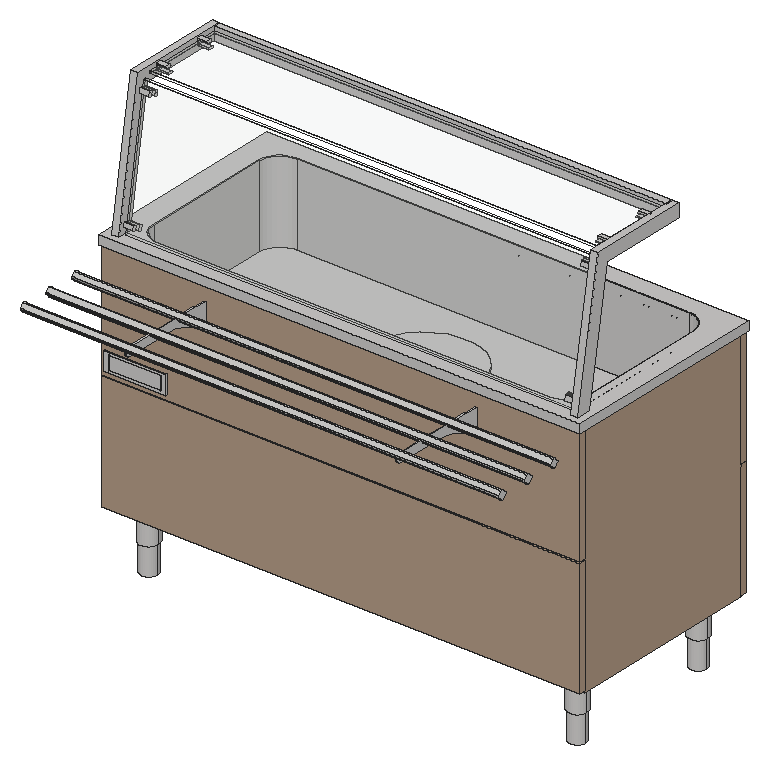
Revit family "QF_ELECTROLUXPROFESSIONAL_322095_F11C4AF01W", category Specialty Equipment, Revit 2018
Family settings
  Round Connector Dimension = Use Diameter
  Part Type = Normal
  Work Plane-Based = No
  Always vertical = Yes
  Cut with Voids When Loaded = No
  Shared = No
  Room Calculation Point = No
Parameters (values of type "Standard")
  Weight = 158.50 kg
  Watts = 0 W
  Volts = 220 V
  URL Manufacturer = "http://professional.electrolux.com"
  URL = "http://professional.electrolux.com"
  Steam Supply Size = 0 mm
  Steam Supply Minimum Pressure = 0.0 Pa
  Steam Supply Maximum Pressure = 0.0 Pa
  Steam Pounds per Hour = 0
  Show Clearance [instance] = yes
  Refrigeration Suction Line Size = 0 mm
  Refrigeration Liquid Line Size = 0 mm
  Refrigerant Compressor Remote = yes
  Manufacturer = "Electrolux Professional"
  Phase = 1
  Model = "F11C4AF01W"
  Length Actual = 1420 mm  # constant formula
  Item Number = "322095"
  Hot Water Size = 0 mm
  Height Actual = 1304 mm  # constant formula
  HP = "0 HP"
  Gas Size = 0 mm
  Gas KW = 0
  Gas Input Pressure = 0 W
  Direct Waste Size = 19.05 mm
  Description = "REFRIGERATED WELL, STATIC WITH FAN, 4GN H=900MM OVERSHELF W/LED LIGHTS"
  Depth Actual = 915 mm  # constant formula
  Cycle = 50 Hz
  Condensate Return Size = 0 mm
  Compressed Air Volume = 0.0 L/s
  Compressed Air Size = 0 mm
  Compressed Air Pressure = 0.0 Pa
  Cold Water Size = 0 mm
  Accessory = yes
Values of the unnamed type that differ from the named types
  Volts = 0 V
  URL Manufacturer = ""
  Item Number = ""
  Cycle = 0 Hz
Reference planes
  plane 1 "Centro (Fronte/Retro)": y = 74.737
  plane 2: z = 0
  plane 3 "BACK": y = 384.737
  plane 4 "FRONT": y = -235.263
  plane 5: z = 900
  plane 6 "RIGHT": x = 195.731
  plane 7 "LEFT": x = -1224.269
  plane 8: x = -514.269
  plane 9: y = 664.737
  plane 10: y = -530.02
  plane 11: z = 178
  plane 12: z = 1304
  plane 13: z = 1222
  plane 14: y = 297.737
  plane 15: y = -148.263
  plane 16: x = -1146.269
  plane 17: x = 117.731
  plane 18: x = -1220.269
  plane 19: y = -231.263
  plane 20: x = 191.731
  plane 21: y = 380.737
  plane 22: z = 874
  plane 23: y = 362.737
  plane 24: y = -213.263
  plane 25: z = 182
  plane 26: z = 527
  plane 27: z = 531
  plane 28: x = -112.269
  plane 29: x = -916.269
  plane 30: x = -1202.269
  plane 31: x = 173.731
  plane 32: x = 153.731
  plane 33: x = -1182.269
  plane 34: x = -1174.269
  plane 35: x = 145.731
  plane 36: y = 130.237
  plane 37: y = 19.237
  plane 38: y = 33.237
  plane 39: y = 116.237
  plane 40: x = -1112.269
  plane 41: x = 90.731
Forms (mm)
  Extrusion 1, solid, material "QF_Finishes_Wood"
    sketch origin (0, 0, 0) x (1, 0, 0) y (0, 1, 0)
      loop
        line (-1220.269, 362.737) -> (-1220.269, -213.263) -> (191.731, -213.263) -> (191.731, 362.737) -> (-1220.269, 362.737)
    from 178 to 874
  Extrusion 2, solid, material "QF_Finishes_Wood"
    sketch origin (191.731, 362.737, 0) x (0, -1, 0) y (0, 0, -1)
      loop
        line (576, -182) -> (576, -527) -> (594, -527) -> (594, -182) -> (576, -182)
      loop
        line (576, -531) -> (576, -874) -> (594, -874) -> (594, -531) -> (576, -531)
    from 0 to -1412
  Extrusion 3, solid, material "QF_Finishes_Wood"
    sketch origin (191.731, -213.263, 0) x (0, 1, 0) y (0, 0, 1)
      loop
        line (576, 531) -> (594, 531) -> (594, 874) -> (576, 874) -> (576, 531)
    from 0 to -1412
  Extrusion 4, solid, material "QF_Finishes_Stainless Steel"
    sketch origin (0, 0, 0) x (1, 0, 0) y (0, 1, 0)
      loop
        line (-1224.269, 384.737) -> (-1224.269, -235.263) -> (195.731, -235.263) -> (195.731, 384.737) -> (-1224.269, 384.737)
    from 874 to 900
  Extrusion 5, solid, material "QF_Finishes_Stainless Steel"
    sketch origin (-117.269, 362.737, 0) x (0, -1, 0) y (0, 0, -1)
      loop
        arc (628.84, -832.7) -> (632.082, -833.911) -> (635.519, -834.32) r 14.5
        line (635.519, -834.32) -> (675.715, -834.32) -> (689.858, -820.177) -> (704, -834.32) -> (770.715, -834.32) -> (784.858, -820.177) -> (799, -834.32) -> (865.716, -834.32) -> (879.858, -820.177) -> (887.686, -828.005) -> (887.686, -821.352)
        arc (887.686, -821.352) -> (887.303, -819.435) -> (886.214, -817.81) r 4.999
        line (886.214, -817.81) -> (881.179, -812.776)
        arc (881.179, -812.776) -> (879.559, -811.698) -> (877.651, -811.32) r 5
        line (877.651, -811.32) -> (732.206, -811.32)
        arc (732.206, -811.32) -> (708.662, -809.221) -> (685.86, -802.991) r 133.106
        line (685.86, -802.991) -> (638.285, -785.32) -> (597.679, -770.12) -> (594, -770.12) -> (594, -832.7) -> (628.84, -832.7)
    from 0 to 5
  Extrusion 6, void
    sketch origin (0, 0, 0) x (1, 0, 0) y (0, 1, 0)
      loop
        line (-1156.552, 270.237) -> (-1156.552, -120.763)
        arc (-1156.552, -120.763) -> (-1138.652, -163.896) -> (-1095.519, -181.763) r 61
        line (-1095.519, -181.763) -> (67.355, -181.472)
        arc (67.355, -181.472) -> (110.441, -163.852) -> (128.319, -120.873) r 60.6
        line (128.319, -120.873) -> (128.319, 270.182)
        arc (128.319, 270.182) -> (111.15, 312.672) -> (69.282, 331.306) r 61.161
        line (69.282, 331.306) -> (-1095.519, 331.237)
        arc (-1095.519, 331.237) -> (-1138.652, 313.371) -> (-1156.552, 270.237) r 61
    from 580.121 to 900
  Extrusion 7, solid, material "QF_Finishes_Wood"
    sketch origin (419.731, -213.263, -348) x (0, 1, 0) y (0, 0, 1)
      loop
        line (576, 530) -> (594, 530) -> (594, 875) -> (576, 875) -> (576, 530)
    from -228 to -383
  Extrusion 8, solid, material "QF_Finishes_Wood"
    sketch origin (-234.269, -213.263, -348) x (0, 1, 0) y (0, 0, 1)
      loop
        line (576, 530) -> (594, 530) -> (594, 875) -> (576, 875) -> (576, 530)
    from -831.045 to -986
  Extrusion 9, solid, material "QF_Finishes_Stainless Steel"
    sketch origin (-916.269, 362.737, 0) x (0, -1, 0) y (0, 0, -1)
      loop
        arc (628.84, -832.7) -> (632.082, -833.911) -> (635.519, -834.32) r 14.5
        line (635.519, -834.32) -> (675.715, -834.32) -> (689.858, -820.177) -> (704, -834.32) -> (770.715, -834.32) -> (784.858, -820.177) -> (799, -834.32) -> (865.716, -834.32) -> (879.858, -820.177) -> (887.686, -828.005) -> (887.686, -821.352)
        arc (887.686, -821.352) -> (887.303, -819.435) -> (886.214, -817.81) r 4.999
        line (886.214, -817.81) -> (881.179, -812.776)
        arc (881.179, -812.776) -> (879.559, -811.698) -> (877.651, -811.32) r 5
        line (877.651, -811.32) -> (732.206, -811.32)
        arc (732.206, -811.32) -> (708.662, -809.221) -> (685.86, -802.991) r 133.106
        line (685.86, -802.991) -> (638.285, -785.32) -> (597.679, -770.12) -> (594, -770.12) -> (594, -832.7) -> (628.84, -832.7)
    from 0 to 5
  Extrusion 10, solid, material "QF_Finishes_Stainless Steel"
    sketch origin (191.731, 362.737, 0) x (0, -1, 0) y (0, 0, -1)
      loop
        line (881.983, -846.337) -> (891.875, -836.445)
        arc (891.875, -836.445) -> (892.757, -834.322) -> (891.879, -832.198) r 3
        line (891.879, -832.198) -> (881.979, -822.299)
        arc (881.979, -822.299) -> (879.858, -821.42) -> (877.737, -822.299) r 3
        line (877.737, -822.299) -> (867.837, -832.198)
        arc (867.837, -832.198) -> (866.958, -834.32) -> (867.837, -836.441) r 3
        line (867.837, -836.441) -> (877.737, -846.34)
        arc (877.737, -846.34) -> (879.86, -847.219) -> (881.983, -846.337) r 3
      loop
        line (786.979, -846.34) -> (796.879, -836.441)
        arc (796.879, -836.441) -> (797.757, -834.32) -> (796.879, -832.198) r 3
        line (796.879, -832.198) -> (786.979, -822.299)
        arc (786.979, -822.299) -> (784.858, -821.42) -> (782.737, -822.299) r 3
        line (782.737, -822.299) -> (772.837, -832.198)
        arc (772.837, -832.198) -> (771.958, -834.317) -> (772.833, -836.437) r 3
        line (772.833, -836.437) -> (782.741, -846.345)
        arc (782.741, -846.345) -> (784.861, -847.219) -> (786.979, -846.34) r 3
      loop
        line (691.976, -846.343) -> (701.882, -836.438)
        arc (701.882, -836.438) -> (702.757, -834.318) -> (701.879, -832.198) r 3
        line (701.879, -832.198) -> (691.979, -822.299)
        arc (691.979, -822.299) -> (689.858, -821.42) -> (687.737, -822.299) r 3
        line (687.737, -822.299) -> (677.837, -832.198)
        arc (677.837, -832.198) -> (676.958, -834.32) -> (677.837, -836.441) r 3
        line (677.837, -836.441) -> (687.737, -846.34)
        arc (687.737, -846.34) -> (689.856, -847.219) -> (691.976, -846.343) r 3
    from 0 to -1412
  Extrusion 11, solid, material "QF_Finishes_Stainless Steel"
    sketch origin (191.731, 362.737, 0) x (0, -1, 0) y (0, 0, -1)
      loop
        line (206.477, -1264.379) -> (206.477, -1304) -> (507.108, -1304) -> (578.344, -900) -> (537.727, -900) -> (473.477, -1264.379) -> (206.477, -1264.379)
    from -18 to -38
  Extrusion 12, solid, material "QF_Finishes_Stainless Steel"
    sketch origin (-895.269, 362.737, 0) x (0, -1, 0) y (0, 0, 1)
      loop
        line (206.477, 1264.379) -> (473.477, 1264.379) -> (537.727, 900) -> (578.344, 900) -> (507.108, 1304) -> (206.477, 1304) -> (206.477, 1264.379)
    from 307 to 287
  Extrusion 13, solid, material "QF_Finishes_Glass"
    sketch origin (-133.269, -231.263, 531) x (0, 0, 1) y (-1, 0, 0)
      loop
        line (757.879, -279) -> (765.879, -279) -> (765.879, 1041) -> (757.879, 1041) -> (757.879, -279)
    from -361.5 to -120.204
  Extrusion 14, solid, material "QF_Finishes_Stainless Steel"
    sketch origin (0, 0, 0) x (1, 0, 0) y (0, 1, 0)
      loop
        line (-1182.269, 156.26) -> (-1182.269, 136.26) -> (153.731, 136.26) -> (153.731, 156.26) -> (-1182.269, 156.26)
    from 1264.379 to 1304
  Extrusion 15, solid, material "QF_Finishes_Glass"
    sketch origin (-133.269, 362.737, 0) x (0, -1, 0) y (0, 0, -1)
      loop
        line (494.569, -1282.974) -> (562.097, -900) -> (553.974, -900) -> (486.445, -1282.974) -> (494.569, -1282.974)
    from 279 to -1041
  Extrusion 16, solid, material "QF_Finishes_Wood"
    sketch origin (314.688, -213.263, -348) x (0, 1, 0) y (0, 0, 1)
      loop
        line (576, 530) -> (594, 530) -> (594, 875) -> (576, 875) -> (576, 530)
    from -277.956 to -828.956
  Extrusion 17, solid, material "QF_Finishes_Stainless Steel"
    sketch origin (-308.144, -64.263, 531) x (0, 0, 1) y (-1, 0, 0)
      loop
        line (765.879, 841.5) -> (770.879, 843.5) -> (770.879, 874.125) -> (750.879, 874.125) -> (750.879, 866) -> (751.974, 866) -> (751.974, 835.938) -> (755.879, 837.5) -> (755.879, 867) -> (765.879, 867) -> (765.879, 841.5)
    from 0 to 14
  Extrusion 18, solid, material "QF_Finishes_Stainless Steel"
    sketch origin (-308.144, 85.737, 531) x (0, 0, 1) y (-1, 0, 0)
      loop
        line (765.879, 841.5) -> (770.879, 843.5) -> (770.879, 874.125) -> (750.879, 874.125) -> (750.879, 866) -> (751.974, 866) -> (751.974, 835.938) -> (755.879, 837.5) -> (755.879, 867) -> (765.879, 867) -> (765.879, 841.5)
    from 0 to 14
  Extrusion 19, solid, material "QF_Finishes_Stainless Steel"
    sketch origin (-720.394, -64.263, 531) x (0, 0, 1) y (-1, 0, 0)
      loop
        line (765.879, -841.5) -> (765.879, -867) -> (755.879, -867) -> (755.879, -837.5) -> (751.974, -835.938) -> (751.974, -866) -> (750.879, -866) -> (750.879, -874.125) -> (770.879, -874.125) -> (770.879, -843.5) -> (765.879, -841.5)
    from 0 to 14
  Extrusion 20, solid, material "QF_Finishes_Stainless Steel"
    sketch origin (-720.394, 85.737, 531) x (0, 0, 1) y (-1, 0, 0)
      loop
        line (765.879, -841.5) -> (765.879, -867) -> (755.879, -867) -> (755.879, -837.5) -> (751.974, -835.938) -> (751.974, -866) -> (750.879, -866) -> (750.879, -874.125) -> (770.879, -874.125) -> (770.879, -843.5) -> (765.879, -841.5)
    from 0 to 14
  Extrusion 21, solid, material "QF_Finishes_Stainless Steel"
    sketch origin (-720.394, 619.458, 1129.907) x (0, -0.984808, 0.173648) y (-1, 0, 0)
      loop
        line (765.879, -841.5) -> (765.879, -867) -> (755.879, -867) -> (755.879, -837.5) -> (751.974, -835.938) -> (751.974, -866) -> (750.879, -866) -> (750.879, -874.125) -> (770.879, -874.125) -> (770.879, -843.5) -> (765.879, -841.5)
    from 0 to 14
  Extrusion 22, solid, material "QF_Finishes_Stainless Steel"
    sketch origin (-308.144, 619.458, 1129.907) x (0, -0.984808, 0.173648) y (-1, 0, 0)
      loop
        line (765.879, 841.5) -> (770.879, 843.5) -> (770.879, 874.125) -> (750.879, 874.125) -> (750.879, 866) -> (751.974, 866) -> (751.974, 835.938) -> (755.879, 837.5) -> (755.879, 867) -> (765.879, 867) -> (765.879, 841.5)
    from 0 to 14
  Extrusion 23, solid, material "QF_Finishes_Stainless Steel"
    sketch origin (-720.394, 562.154, 799.389) x (0, -0.984808, 0.173648) y (-1, 0, 0)
      loop
        line (765.879, -841.5) -> (765.879, -867) -> (755.879, -867) -> (755.879, -837.5) -> (751.974, -835.938) -> (751.974, -866) -> (750.879, -866) -> (750.879, -874.125) -> (770.879, -874.125) -> (770.879, -843.5) -> (765.879, -841.5)
    from 0 to 14
  Extrusion 24, solid, material "QF_Finishes_Stainless Steel"
    sketch origin (-308.144, 562.154, 799.389) x (0, -0.984808, 0.173648) y (-1, 0, 0)
      loop
        line (765.879, 841.5) -> (770.879, 843.5) -> (770.879, 874.125) -> (750.879, 874.125) -> (750.879, 866) -> (751.974, 866) -> (751.974, 835.938) -> (755.879, 837.5) -> (755.879, 867) -> (765.879, 867) -> (765.879, 841.5)
    from 0 to 14
  Extrusion 25, solid, material "QF_Finishes_Wood"
    sketch origin (-236.312, -213.263, -348) x (0, 1, 0) y (0, 0, 1)
      loop
        line (576, 530) -> (594, 530) -> (594, 875) -> (576, 875) -> (576, 530)
    from -277.956 to -828.956
  Extrusion 26, solid, material "QF_Door-Drawer Clearances", visible <- "Show Clearance"
    sketch origin (-1028.537, -4, 0) x (-1, 0, 0) y (0, -1, 0)
      loop
        arc (-514.269, -384.737) -> (-496.592, -527.741) -> (-441.747, -660.987) r 540.292
        line (-441.747, -660.987) -> (36.731, -384.737) -> (-514.269, -384.737)
    from 182 to 527
  Extrusion 27, solid, material "QF_Finishes_Stainless Steel"
    sketch origin (-1353.537, 0, 0) x (-1, 0, 0) y (0, -1, 0)
      loop
        circle (-196.269, -124.737) r 10
    from 178 to 166
  Extrusion 28, solid, material "QF_Finishes_Stainless Steel"
    sketch origin (-1353.537, 149.474, 0) x (-1, 0, 0) y (0, -1, 0)
      loop
        circle (-196.269, 124.737) r 10
    from 178 to 166
  Extrusion 29, solid, material "QF_Door-Drawer Clearances", visible <- "Show Clearance"
    sketch origin (0, -4, 0) x (1, 0, 0) y (0, 1, 0)
      loop
        line (-514.269, 384.737) -> (36.731, 384.737) -> (-441.747, 660.987)
        arc (-441.747, 660.987) -> (-496.592, 527.741) -> (-514.269, 384.737) r 540.292
    from 182 to 527
Cuts and joins
  Extrusion 6 cuts Extrusion 1
  Extrusion 6 cuts Extrusion 4
Lines and regions (mm)
  symbolic lines
    curve 1: line (195.731, 384.737, 0) -> (195.731, -235.263, 0)
    curve 2: line (-1224.269, -235.263, 0) -> (-1224.269, 384.737, 0)
    curve 3: line (-1224.269, 384.737, 0) -> (195.731, 384.737, 0)
    curve 4: line (-1224.269, -235.263, 0) -> (195.731, -235.263, 0)
    curve 5: line (145.731, -64.263, 0) -> (145.731, 71.737, 0)
    curve 6: line (-1174.269, 71.737, 0) -> (-1174.269, -64.263, 0)
    curve 7: line (-1202.269, 156.26, 0) -> (173.731, 156.26, 0)
    curve 8: line (173.731, 156.26, 0) -> (173.731, -215.607, 0)
    curve 9: line (173.731, -215.607, 0) -> (153.731, -215.607, 0)
    curve 10: line (153.731, -215.607, 0) -> (153.731, 156.26, 0)
    curve 11: line (153.731, 136.26, 0) -> (-1182.269, 136.26, 0)
    curve 12: line (-1182.269, 156.26, 0) -> (-1182.269, -215.607, 0)
    curve 13: line (-1182.269, -215.607, 0) -> (-1202.269, -215.607, 0)
    curve 14: line (-1202.269, -215.607, 0) -> (-1202.269, 156.26, 0)
    curve 15: line (-1202.269, -144.371, 0) -> (-1182.269, -144.371, 0)
    curve 16: line (153.731, -144.371, 0) -> (173.731, -144.371, 0)
    curve 17: line (-1174.269, 130.237, 0) -> (-1174.269, 85.737, 0)
    curve 18: line (-1174.269, 130.237, 0) -> (145.731, 130.237, 0)
    curve 19: line (145.731, 130.237, 0) -> (145.731, 85.737, 0)
    curve 20: line (145.731, -78.263, 0) -> (145.731, -111.059, 0)
    curve 21: line (153.731, 85.737, 0) -> (121.231, 85.737, 0)
    curve 22: line (121.231, 85.737, 0) -> (121.231, 71.737, 0)
    curve 23: line (121.231, 71.737, 0) -> (153.731, 71.737, 0)
    curve 24: line (153.731, -64.263, 0) -> (121.231, -64.263, 0)
    curve 25: line (121.231, -64.263, 0) -> (121.231, -78.263, 0)
    curve 26: line (121.231, -78.263, 0) -> (153.731, -78.263, 0)
    curve 27: line (-1182.269, -64.263, 0) -> (-1149.769, -64.263, 0)
    curve 28: line (-1149.769, -64.263, 0) -> (-1149.769, -78.263, 0)
    curve 29: line (-1149.769, -78.263, 0) -> (-1182.269, -78.263, 0)
    curve 30: line (-1182.269, 85.737, 0) -> (-1149.769, 85.737, 0)
    curve 31: line (-1149.769, 85.737, 0) -> (-1149.769, 71.737, 0)
    curve 32: line (-1149.769, 71.737, 0) -> (-1182.269, 71.737, 0)
    curve 33: line (-1182.269, -142.14, 0) -> (-1151.769, -142.14, 0)
    curve 34: line (-1151.769, -142.14, 0) -> (-1151.769, -139.709, 0)
    curve 35: line (-1151.769, -139.709, 0) -> (-1182.269, -139.709, 0)
    curve 36: line (-1151.769, -142.14, 0) -> (-1149.769, -137.216, 0)
    curve 37: line (-1175.269, -134.785, 0) -> (-1149.769, -134.785, 0)
    curve 38: line (-1175.269, -134.785, 0) -> (-1175.269, -124.937, 0)
    curve 39: line (-1175.269, -124.937, 0) -> (-1174.269, -124.937, 0)
    curve 40: line (-1175.269, -127.368, 0) -> (-1174.269, -127.368, 0)
    curve 41: line (-1182.269, -120.013, 0) -> (-1174.269, -120.013, 0)
    curve 42: line (-1174.269, -120.013, 0) -> (-1174.269, -121.091, 0)
    curve 43: line (-1174.269, -121.091, 0) -> (-1144.207, -121.091, 0)
    curve 44: line (-1144.207, -121.091, 0) -> (-1144.207, -123.708, 0)
    curve 45: line (-1144.207, -121.091, 0) -> (-1145.269, -123.708, 0)
    curve 46: line (-1151.769, -139.709, 0) -> (-1149.769, -134.785, 0)
    curve 47: line (-1149.769, -134.785, 0) -> (-1149.769, -137.216, 0)
    curve 48: line (-1174.269, -123.708, 0) -> (-1174.269, -134.785, 0)
    curve 49: line (145.731, -131.831, 0) -> (145.731, -123.708, 0)
    curve 50: line (145.731, -123.708, 0) -> (-1174.269, -123.708, 0)
    curve 51: line (153.731, -142.14, 0) -> (123.231, -142.14, 0)
    curve 52: line (123.231, -142.14, 0) -> (123.231, -139.709, 0)
    curve 53: line (123.231, -139.709, 0) -> (153.731, -139.709, 0)
    curve 54: line (123.231, -142.14, 0) -> (121.231, -137.216, 0)
    curve 55: line (146.731, -134.785, 0) -> (121.231, -134.785, 0)
    curve 56: line (146.731, -134.785, 0) -> (146.731, -124.937, 0)
    curve 57: line (146.731, -124.937, 0) -> (145.731, -124.937, 0)
    curve 58: line (146.731, -127.368, 0) -> (145.731, -127.368, 0)
    curve 59: line (153.731, -120.013, 0) -> (145.731, -120.013, 0)
    curve 60: line (145.731, -120.013, 0) -> (145.731, -121.091, 0)
    curve 61: line (145.731, -121.091, 0) -> (115.669, -121.091, 0)
    curve 62: line (115.669, -121.091, 0) -> (115.669, -123.708, 0)
    curve 63: line (115.669, -121.091, 0) -> (116.732, -123.708, 0)
    curve 64: line (123.231, -139.709, 0) -> (121.231, -134.785, 0)
    curve 65: line (121.231, -134.785, 0) -> (121.231, -137.216, 0)
    curve 66: line (145.731, -123.708, 0) -> (145.731, -134.785, 0)
    curve 67: line (-1174.269, -142.14, 0) -> (-1174.269, -192.089, 0)
    curve 68: line (-1174.269, -177.317, 0) -> (-1182.269, -177.317, 0)
    curve 69: line (-1174.269, -182.241, 0) -> (-1175.269, -182.241, 0)
    curve 70: line (-1175.269, -184.672, 0) -> (-1174.269, -184.672, 0)
    curve 71: line (-1175.269, -182.241, 0) -> (-1175.269, -192.089, 0)
    curve 72: line (-1175.269, -192.089, 0) -> (-1149.779, -192.089, 0)
    curve 73: line (-1151.769, -197.013, 0) -> (-1149.779, -192.089, 0)
    curve 74: line (-1149.779, -192.089, 0) -> (-1149.779, -194.52, 0)
    curve 75: line (-1151.769, -199.444, 0) -> (-1149.779, -194.52, 0)
    curve 76: line (-1151.769, -197.013, 0) -> (-1151.769, -199.444, 0)
    curve 77: line (-1182.269, -199.444, 0) -> (-1151.769, -199.444, 0)
    curve 78: line (-1151.769, -197.013, 0) -> (-1182.269, -197.013, 0)
    curve 79: line (145.731, -177.317, 0) -> (153.731, -177.317, 0)
    curve 80: line (145.731, -182.241, 0) -> (146.731, -182.241, 0)
    curve 81: line (146.731, -184.672, 0) -> (145.731, -184.672, 0)
    curve 82: line (146.731, -182.241, 0) -> (146.731, -192.089, 0)
    curve 83: line (146.731, -192.089, 0) -> (121.242, -192.089, 0)
    curve 84: line (123.231, -197.013, 0) -> (121.242, -192.089, 0)
    curve 85: line (121.242, -192.089, 0) -> (121.242, -194.52, 0)
    curve 86: line (123.231, -199.444, 0) -> (121.242, -194.52, 0)
    curve 87: line (123.231, -197.013, 0) -> (123.231, -199.444, 0)
    curve 88: line (153.731, -199.444, 0) -> (123.231, -199.444, 0)
    curve 89: line (123.231, -197.013, 0) -> (153.731, -197.013, 0)
    curve 90: line (-1151.735, -199.36, 0) -> (123.197, -199.36, 0)
    curve 91: line (-1174.269, -78.263, 0) -> (-1174.269, -111.059, 0)
    curve 92: line (-1174.269, -111.059, 0) -> (145.731, -111.059, 0)
    curve 93: line (-1174.269, -131.831, 0) -> (145.731, -131.831, 0)
    curve 94: line (145.731, -142.14, 0) -> (145.731, -192.089, 0)
    curve 101: line (-1224.269, -235.263, 0) -> (-1224.269, -530.02, 0)
    curve 102: line (-1224.269, -530.02, 0) -> (195.731, -530.02, 0)
    curve 103: line (195.731, -530.02, 0) -> (195.731, -235.263, 0)
    curve 114: arc (-511.375, 74.737, 900) -> (-514.375, 71.737, 900) -> (-517.375, 74.737, 900) r 3
    curve 115: arc (-517.375, 74.737, 900) -> (-514.375, 77.737, 900) -> (-511.375, 74.737, 900) r 3
    curve 116: arc (-511.375, 54.737, 900) -> (-514.375, 51.737, 900) -> (-517.375, 54.737, 900) r 3
    curve 117: arc (-517.375, 54.737, 900) -> (-514.375, 57.737, 900) -> (-511.375, 54.737, 900) r 3
    curve 118: arc (-511.375, 34.737, 900) -> (-514.375, 31.737, 900) -> (-517.375, 34.737, 900) r 3
    curve 119: arc (-517.375, 34.737, 900) -> (-514.375, 37.737, 900) -> (-511.375, 34.737, 900) r 3
    curve 120: arc (-511.375, 14.737, 900) -> (-514.375, 11.737, 900) -> (-517.375, 14.737, 900) r 3
    curve 121: arc (-517.375, 14.737, 900) -> (-514.375, 17.737, 900) -> (-511.375, 14.737, 900) r 3
    curve 122: arc (-525.504, 15.416, 900) -> (-528.504, 12.416, 900) -> (-531.504, 15.416, 900) r 3
    curve 123: arc (-531.504, 15.416, 900) -> (-528.504, 18.416, 900) -> (-525.504, 15.416, 900) r 3
    curve 124: arc (-521.795, 34.792, 900) -> (-524.795, 31.792, 900) -> (-527.795, 34.792, 900) r 3
    curve 125: arc (-527.795, 34.792, 900) -> (-524.795, 37.792, 900) -> (-521.795, 34.792, 900) r 3
    curve 126: arc (-525.029, 56.259, 900) -> (-522.029, 59.259, 900) -> (-519.029, 56.259, 900) r 3
    curve 127: arc (-519.029, 56.259, 900) -> (-522.029, 53.259, 900) -> (-525.029, 56.259, 900) r 3
    curve 128: arc (-531.517, 60.595, 900) -> (-528.517, 63.595, 900) -> (-525.517, 60.595, 900) r 3
    curve 129: arc (-525.517, 60.595, 900) -> (-528.517, 57.595, 900) -> (-531.517, 60.595, 900) r 3
    curve 130: arc (-545.659, 46.453, 900) -> (-542.659, 49.453, 900) -> (-539.659, 46.453, 900) r 3
    curve 131: arc (-539.659, 46.453, 900) -> (-542.659, 43.453, 900) -> (-545.659, 46.453, 900) r 3
    curve 132: arc (-537.463, 38.203, 900) -> (-534.463, 41.203, 900) -> (-531.463, 38.203, 900) r 3
    curve 133: arc (-531.463, 38.203, 900) -> (-534.463, 35.203, 900) -> (-537.463, 38.203, 900) r 3
    curve 134: arc (-545.258, 19.785, 900) -> (-542.258, 22.785, 900) -> (-539.258, 19.785, 900) r 3
    curve 135: arc (-539.258, 19.785, 900) -> (-542.258, 16.785, 900) -> (-545.258, 19.785, 900) r 3
    curve 136: arc (-570.696, 60.608, 900) -> (-573.696, 57.608, 900) -> (-576.696, 60.608, 900) r 3
    curve 137: arc (-576.696, 60.608, 900) -> (-573.696, 63.608, 900) -> (-570.696, 60.608, 900) r 3
    curve 138: arc (-572.327, 46.854, 900) -> (-569.327, 49.854, 900) -> (-566.327, 46.854, 900) r 3
    curve 139: arc (-566.327, 46.854, 900) -> (-569.327, 43.854, 900) -> (-572.327, 46.854, 900) r 3
    curve 140: arc (-564.827, 36.943, 900) -> (-561.827, 39.943, 900) -> (-558.827, 36.943, 900) r 3
    curve 141: arc (-558.827, 36.943, 900) -> (-561.827, 33.943, 900) -> (-564.827, 36.943, 900) r 3
    curve 142: arc (-555.659, 29.132, 900) -> (-552.659, 32.132, 900) -> (-549.659, 29.132, 900) r 3
    curve 143: arc (-549.659, 29.132, 900) -> (-552.659, 26.132, 900) -> (-555.659, 29.132, 900) r 3
    curve 144: arc (-557.32, 64.317, 900) -> (-554.32, 67.317, 900) -> (-551.32, 64.317, 900) r 3
    curve 145: arc (-551.32, 64.317, 900) -> (-554.32, 61.317, 900) -> (-557.32, 64.317, 900) r 3
    curve 146: arc (-553.909, 54.649, 900) -> (-550.909, 57.649, 900) -> (-547.909, 54.649, 900) r 3
    curve 147: arc (-547.909, 54.649, 900) -> (-550.909, 51.649, 900) -> (-553.909, 54.649, 900) r 3
    curve 148: arc (-529.852, 67.083, 900) -> (-532.852, 64.083, 900) -> (-535.852, 67.083, 900) r 3
    curve 149: arc (-535.852, 67.083, 900) -> (-532.852, 70.083, 900) -> (-529.852, 67.083, 900) r 3
    curve 150: arc (-537.375, 74.737, 900) -> (-534.375, 77.737, 900) -> (-531.375, 74.737, 900) r 3
    curve 151: arc (-531.375, 74.737, 900) -> (-534.375, 71.737, 900) -> (-537.375, 74.737, 900) r 3
    curve 152: arc (-557.375, 74.737, 900) -> (-554.375, 77.737, 900) -> (-551.375, 74.737, 900) r 3
    curve 153: arc (-551.375, 74.737, 900) -> (-554.375, 71.737, 900) -> (-557.375, 74.737, 900) r 3
    curve 154: arc (-577.375, 74.737, 900) -> (-574.375, 77.737, 900) -> (-571.375, 74.737, 900) r 3
    curve 155: arc (-571.375, 74.737, 900) -> (-574.375, 71.737, 900) -> (-577.375, 74.737, 900) r 3
    curve 156: arc (-525.504, 134.058, 900) -> (-528.504, 137.058, 900) -> (-531.504, 134.058, 900) r 3
    curve 157: arc (-531.504, 134.058, 900) -> (-528.504, 131.058, 900) -> (-525.504, 134.058, 900) r 3
    curve 158: arc (-521.795, 114.682, 900) -> (-524.795, 117.682, 900) -> (-527.795, 114.682, 900) r 3
    curve 159: arc (-527.795, 114.682, 900) -> (-524.795, 111.682, 900) -> (-521.795, 114.682, 900) r 3
    curve 160: arc (-525.029, 93.215, 900) -> (-522.029, 90.215, 900) -> (-519.029, 93.215, 900) r 3
    curve 161: arc (-519.029, 93.215, 900) -> (-522.029, 96.215, 900) -> (-525.029, 93.215, 900) r 3
    curve 162: arc (-531.517, 88.879, 900) -> (-528.517, 85.879, 900) -> (-525.517, 88.879, 900) r 3
    curve 163: arc (-525.517, 88.879, 900) -> (-528.517, 91.879, 900) -> (-531.517, 88.879, 900) r 3
    curve 164: arc (-545.659, 103.021, 900) -> (-542.659, 100.021, 900) -> (-539.659, 103.021, 900) r 3
    curve 165: arc (-539.659, 103.021, 900) -> (-542.659, 106.021, 900) -> (-545.659, 103.021, 900) r 3
    curve 166: arc (-537.463, 111.271, 900) -> (-534.463, 108.271, 900) -> (-531.463, 111.271, 900) r 3
    curve 167: arc (-531.463, 111.271, 900) -> (-534.463, 114.271, 900) -> (-537.463, 111.271, 900) r 3
    curve 168: arc (-545.258, 129.69, 900) -> (-542.258, 126.69, 900) -> (-539.258, 129.69, 900) r 3
    curve 169: arc (-539.258, 129.69, 900) -> (-542.258, 132.69, 900) -> (-545.258, 129.69, 900) r 3
    curve 170: arc (-570.696, 88.866, 900) -> (-573.696, 91.866, 900) -> (-576.696, 88.866, 900) r 3
    curve 171: arc (-576.696, 88.866, 900) -> (-573.696, 85.866, 900) -> (-570.696, 88.866, 900) r 3
    curve 172: arc (-572.327, 102.621, 900) -> (-569.327, 99.621, 900) -> (-566.327, 102.621, 900) r 3
    curve 173: arc (-566.327, 102.621, 900) -> (-569.327, 105.621, 900) -> (-572.327, 102.621, 900) r 3
    curve 174: arc (-564.827, 112.531, 900) -> (-561.827, 109.531, 900) -> (-558.827, 112.531, 900) r 3
    curve 175: arc (-558.827, 112.531, 900) -> (-561.827, 115.531, 900) -> (-564.827, 112.531, 900) r 3
    curve 176: arc (-555.659, 120.342, 900) -> (-552.659, 117.342, 900) -> (-549.659, 120.342, 900) r 3
    curve 177: arc (-549.659, 120.342, 900) -> (-552.659, 123.342, 900) -> (-555.659, 120.342, 900) r 3
    curve 178: arc (-557.32, 85.157, 900) -> (-554.32, 82.157, 900) -> (-551.32, 85.157, 900) r 3
    curve 179: arc (-551.32, 85.157, 900) -> (-554.32, 88.157, 900) -> (-557.32, 85.157, 900) r 3
    curve 180: arc (-553.909, 94.825, 900) -> (-550.909, 91.825, 900) -> (-547.909, 94.825, 900) r 3
    curve 181: arc (-547.909, 94.825, 900) -> (-550.909, 97.825, 900) -> (-553.909, 94.825, 900) r 3
    curve 182: arc (-529.852, 82.391, 900) -> (-532.852, 85.391, 900) -> (-535.852, 82.391, 900) r 3
    curve 183: arc (-535.852, 82.391, 900) -> (-532.852, 79.391, 900) -> (-529.852, 82.391, 900) r 3
    curve 184: arc (-511.375, 94.737, 900) -> (-514.375, 97.737, 900) -> (-517.375, 94.737, 900) r 3
    curve 185: arc (-517.375, 94.737, 900) -> (-514.375, 91.737, 900) -> (-511.375, 94.737, 900) r 3
    curve 186: arc (-511.375, 114.737, 900) -> (-514.375, 117.737, 900) -> (-517.375, 114.737, 900) r 3
    curve 187: arc (-517.375, 114.737, 900) -> (-514.375, 111.737, 900) -> (-511.375, 114.737, 900) r 3
    curve 188: arc (-511.375, 134.737, 900) -> (-514.375, 137.737, 900) -> (-517.375, 134.737, 900) r 3
    curve 189: arc (-517.375, 134.737, 900) -> (-514.375, 131.737, 900) -> (-511.375, 134.737, 900) r 3
    curve 190: arc (-503.246, 15.416, 900) -> (-500.246, 12.416, 900) -> (-497.246, 15.416, 900) r 3
    curve 191: arc (-497.246, 15.416, 900) -> (-500.246, 18.416, 900) -> (-503.246, 15.416, 900) r 3
    curve 192: arc (-506.955, 34.792, 900) -> (-503.955, 31.792, 900) -> (-500.955, 34.792, 900) r 3
    curve 193: arc (-500.955, 34.792, 900) -> (-503.955, 37.792, 900) -> (-506.955, 34.792, 900) r 3
    curve 194: arc (-503.721, 56.259, 900) -> (-506.721, 59.259, 900) -> (-509.721, 56.259, 900) r 3
    curve 195: arc (-509.721, 56.259, 900) -> (-506.721, 53.259, 900) -> (-503.721, 56.259, 900) r 3
    curve 196: arc (-497.233, 60.595, 900) -> (-500.233, 63.595, 900) -> (-503.233, 60.595, 900) r 3
    curve 197: arc (-503.233, 60.595, 900) -> (-500.233, 57.595, 900) -> (-497.233, 60.595, 900) r 3
    curve 198: arc (-483.091, 46.453, 900) -> (-486.091, 49.453, 900) -> (-489.091, 46.453, 900) r 3
    curve 199: arc (-489.091, 46.453, 900) -> (-486.091, 43.453, 900) -> (-483.091, 46.453, 900) r 3
    curve 200: arc (-491.287, 38.203, 900) -> (-494.287, 41.203, 900) -> (-497.287, 38.203, 900) r 3
    curve 201: arc (-497.287, 38.203, 900) -> (-494.287, 35.203, 900) -> (-491.287, 38.203, 900) r 3
    curve 202: arc (-483.491, 19.785, 900) -> (-486.491, 22.785, 900) -> (-489.491, 19.785, 900) r 3
    curve 203: arc (-489.491, 19.785, 900) -> (-486.491, 16.785, 900) -> (-483.491, 19.785, 900) r 3
    curve 204: arc (-458.054, 60.608, 900) -> (-455.054, 57.608, 900) -> (-452.054, 60.608, 900) r 3
    curve 205: arc (-452.054, 60.608, 900) -> (-455.054, 63.608, 900) -> (-458.054, 60.608, 900) r 3
    curve 206: arc (-456.422, 46.854, 900) -> (-459.422, 49.854, 900) -> (-462.422, 46.854, 900) r 3
    curve 207: arc (-462.422, 46.854, 900) -> (-459.422, 43.854, 900) -> (-456.422, 46.854, 900) r 3
    curve 208: arc (-463.922, 36.943, 900) -> (-466.922, 39.943, 900) -> (-469.922, 36.943, 900) r 3
    curve 209: arc (-469.922, 36.943, 900) -> (-466.922, 33.943, 900) -> (-463.922, 36.943, 900) r 3
    curve 210: arc (-473.091, 29.132, 900) -> (-476.091, 32.132, 900) -> (-479.091, 29.132, 900) r 3
    curve 211: arc (-479.091, 29.132, 900) -> (-476.091, 26.132, 900) -> (-473.091, 29.132, 900) r 3
    curve 212: arc (-471.43, 64.317, 900) -> (-474.43, 67.317, 900) -> (-477.43, 64.317, 900) r 3
    curve 213: arc (-477.43, 64.317, 900) -> (-474.43, 61.317, 900) -> (-471.43, 64.317, 900) r 3
    curve 214: arc (-474.841, 54.649, 900) -> (-477.841, 57.649, 900) -> (-480.841, 54.649, 900) r 3
    curve 215: arc (-480.841, 54.649, 900) -> (-477.841, 51.649, 900) -> (-474.841, 54.649, 900) r 3
    curve 216: arc (-498.897, 67.083, 900) -> (-495.897, 64.083, 900) -> (-492.897, 67.083, 900) r 3
    curve 217: arc (-492.897, 67.083, 900) -> (-495.897, 70.083, 900) -> (-498.897, 67.083, 900) r 3
    curve 218: arc (-491.375, 74.737, 900) -> (-494.375, 77.737, 900) -> (-497.375, 74.737, 900) r 3
    curve 219: arc (-497.375, 74.737, 900) -> (-494.375, 71.737, 900) -> (-491.375, 74.737, 900) r 3
    curve 220: arc (-471.375, 74.737, 900) -> (-474.375, 77.737, 900) -> (-477.375, 74.737, 900) r 3
    curve 221: arc (-477.375, 74.737, 900) -> (-474.375, 71.737, 900) -> (-471.375, 74.737, 900) r 3
    curve 222: arc (-451.375, 74.737, 900) -> (-454.375, 77.737, 900) -> (-457.375, 74.737, 900) r 3
    curve 223: arc (-457.375, 74.737, 900) -> (-454.375, 71.737, 900) -> (-451.375, 74.737, 900) r 3
    curve 224: arc (-503.246, 134.058, 900) -> (-500.246, 137.058, 900) -> (-497.246, 134.058, 900) r 3
    curve 225: arc (-497.246, 134.058, 900) -> (-500.246, 131.058, 900) -> (-503.246, 134.058, 900) r 3
    curve 226: arc (-506.955, 114.682, 900) -> (-503.955, 117.682, 900) -> (-500.955, 114.682, 900) r 3
    curve 227: arc (-500.955, 114.682, 900) -> (-503.955, 111.682, 900) -> (-506.955, 114.682, 900) r 3
    curve 228: arc (-503.721, 93.215, 900) -> (-506.721, 90.215, 900) -> (-509.721, 93.215, 900) r 3
    curve 229: arc (-509.721, 93.215, 900) -> (-506.721, 96.215, 900) -> (-503.721, 93.215, 900) r 3
    curve 230: arc (-497.233, 88.879, 900) -> (-500.233, 85.879, 900) -> (-503.233, 88.879, 900) r 3
    curve 231: arc (-503.233, 88.879, 900) -> (-500.233, 91.879, 900) -> (-497.233, 88.879, 900) r 3
    curve 232: arc (-483.091, 103.021, 900) -> (-486.091, 100.021, 900) -> (-489.091, 103.021, 900) r 3
    curve 233: arc (-489.091, 103.021, 900) -> (-486.091, 106.021, 900) -> (-483.091, 103.021, 900) r 3
    curve 234: arc (-491.287, 111.271, 900) -> (-494.287, 108.271, 900) -> (-497.287, 111.271, 900) r 3
    curve 235: arc (-497.287, 111.271, 900) -> (-494.287, 114.271, 900) -> (-491.287, 111.271, 900) r 3
    curve 236: arc (-483.491, 129.69, 900) -> (-486.491, 126.69, 900) -> (-489.491, 129.69, 900) r 3
    curve 237: arc (-489.491, 129.69, 900) -> (-486.491, 132.69, 900) -> (-483.491, 129.69, 900) r 3
    curve 238: arc (-458.054, 88.866, 900) -> (-455.054, 91.866, 900) -> (-452.054, 88.866, 900) r 3
    curve 239: arc (-452.054, 88.866, 900) -> (-455.054, 85.866, 900) -> (-458.054, 88.866, 900) r 3
    curve 240: arc (-456.422, 102.621, 900) -> (-459.422, 99.621, 900) -> (-462.422, 102.621, 900) r 3
    curve 241: arc (-462.422, 102.621, 900) -> (-459.422, 105.621, 900) -> (-456.422, 102.621, 900) r 3
    curve 242: arc (-463.922, 112.531, 900) -> (-466.922, 109.531, 900) -> (-469.922, 112.531, 900) r 3
    curve 243: arc (-469.922, 112.531, 900) -> (-466.922, 115.531, 900) -> (-463.922, 112.531, 900) r 3
    curve 244: arc (-473.091, 120.342, 900) -> (-476.091, 117.342, 900) -> (-479.091, 120.342, 900) r 3
    curve 245: arc (-479.091, 120.342, 900) -> (-476.091, 123.342, 900) -> (-473.091, 120.342, 900) r 3
    curve 246: arc (-471.43, 85.157, 900) -> (-474.43, 82.157, 900) -> (-477.43, 85.157, 900) r 3
    curve 247: arc (-477.43, 85.157, 900) -> (-474.43, 88.157, 900) -> (-471.43, 85.157, 900) r 3
    curve 248: arc (-474.841, 94.825, 900) -> (-477.841, 91.825, 900) -> (-480.841, 94.825, 900) r 3
    curve 249: arc (-480.841, 94.825, 900) -> (-477.841, 97.825, 900) -> (-474.841, 94.825, 900) r 3
    curve 250: arc (-498.897, 82.391, 900) -> (-495.897, 85.391, 900) -> (-492.897, 82.391, 900) r 3
    curve 251: arc (-492.897, 82.391, 900) -> (-495.897, 79.391, 900) -> (-498.897, 82.391, 900) r 3
  symbolic lines, style "QF_Door-Drawer Clearances"
    curve 95: line (-586.79, 656.987, 0) -> (-1058.34, 384.737, 0)
    curve 96: arc (-514.24, 384.737, 0) -> (-532.456, 525.674, 0) -> (-586.79, 656.987, 0) r 540.292
    curve 97: arc (-441.747, 656.987, 0) -> (-496.081, 525.674, 0) -> (-514.297, 384.737, 0) r 540.292
    curve 98: line (29.803, 384.737, 0) -> (-441.747, 656.987, 0)
    curve 99: line (-576.79, 639.666, 0) -> (-1018.34, 384.737, 0)
    curve 100: line (-10.197, 384.737, 0) -> (-451.747, 639.666, 0)
  symbolic lines, style "SpecialityEquipmentHiddenLines"
    curve 104: line (-1154.269, 268.737, 0) -> (-1154.269, -119.263, 0)
    curve 105: arc (-1154.269, -119.263, 0) -> (-1136.402, -162.396, 0) -> (-1093.269, -180.263, 0) r 61
    curve 106: line (-1093.269, -180.263, 0) -> (64.731, -180.263, 0)
    curve 107: arc (64.731, -180.263, 0) -> (107.865, -162.396, 0) -> (125.731, -119.263, 0) r 61
    curve 108: line (125.731, -119.263, 0) -> (125.731, 268.737, 0)
    curve 109: arc (125.731, 268.737, 0) -> (107.865, 311.871, 0) -> (64.731, 329.737, 0) r 61
    curve 110: line (64.731, 329.737, 0) -> (-1093.269, 329.737, 0)
    curve 111: arc (-1093.269, 329.737, 0) -> (-1136.402, 311.871, 0) -> (-1154.269, 268.737, 0) r 61
    curve 112: arc (-668.769, 74.737, 0) -> (-513.769, -80.263, 0) -> (-358.769, 74.737, 0) r 155
    curve 113: arc (-358.769, 74.737, 0) -> (-513.769, 229.737, 0) -> (-668.769, 74.737, 0) r 155
    curve 252: line (-834.269, 329.737, 900) -> (-834.269, -180.263, 900)
    curve 253: line (-514.269, 329.737, 900) -> (-514.269, -180.263, 900)
    curve 254: line (-194.269, 329.737, 900) -> (-194.269, -180.263, 900)
Dimensions and locks
  plane 7 "LEFT" to plane 6 "RIGHT" = 1420 mm
  equal spacing: plane 3 "BACK", plane 1 "Centro (Fronte/Retro)", plane 4 "FRONT"
  plane 3 "BACK" to plane 4 "FRONT" = 620 mm
  equal spacing: plane 7 "LEFT", plane 8, plane 6 "RIGHT"
  locked: plane 9 to plane 3 "BACK" at 280
  locked: plane 4 "FRONT" to plane 10 at 294.757
  locked: plane 11 to plane 2 at 178
  locked: plane 5 to plane 2 at 900
  locked: plane 12 to plane 2 at 1304
  locked: plane 13 to plane 2 at 1222
  locked: plane 3 "BACK" to plane 14 at 87
  locked: plane 7 "LEFT" to plane 16 at 78
  locked: plane 17 to plane 6 "RIGHT" at 78
  locked: plane 15 to plane 4 "FRONT" at 87
  locked: plane 3 "BACK" to plane 21 at 4
  locked: plane 7 "LEFT" to plane 18 at 4
  locked: plane 20 to plane 6 "RIGHT" at 4
  locked: plane 19 to plane 4 "FRONT" at 4
  locked: plane 5 to plane 22 at 26
  locked: plane 24 to plane 19 at 18
  locked: plane 21 to plane 23 at 18
  plane 20 to plane 28 = 304 mm
  plane 29 to plane 18 = 304 mm
  equal spacing: plane 30, plane 8, plane 31
  plane 30 to plane 31 = 1376 mm
  locked: plane 30 to plane 33 at 20
  locked: plane 32 to plane 31 at 20
  equal spacing: plane 34, plane 8, plane 35
  plane 34 to plane 35 = 1320 mm
  equal spacing: plane 36, plane 1 "Centro (Fronte/Retro)", plane 37
  plane 36 to plane 37 = 111 mm
  locked: plane 36 to plane 39 at 14
  locked: plane 38 to plane 37 at 14
  locked: plane 41 to plane 6 "RIGHT" at 105
  locked: plane 7 "LEFT" to plane 40 at 112
  plane 16 to plane 7 "LEFT" = 78 mm
  plane 6 "RIGHT" to plane 17 = 78 mm
  angle Extrusion 25 to Extrusion 26 sketch curve = 30.00°
  aligned and locked: level to plane 2
  aligned and locked: Extrusion 1 sketch curve to plane 23
  aligned and locked: plane 18 to Extrusion 1 sketch curve
  aligned and locked: plane 24 to Extrusion 1 sketch curve
  aligned and locked: Extrusion 1 sketch curve to plane 20
  aligned and locked: Extrusion 1 to plane 22
  aligned and locked: Extrusion 1 to plane 11
  aligned and locked: plane 25 to Extrusion 2 sketch curve
  aligned and locked: Extrusion 2 sketch curve to plane 24  (x2)
  aligned and locked: Extrusion 2 sketch curve to plane 26
  aligned and locked: plane 19 to Extrusion 2 sketch curve  (x2)
  aligned and locked: plane 27 to Extrusion 2 sketch curve
  aligned and locked: Extrusion 2 sketch curve to plane 22
  aligned and locked: Extrusion 2 to plane 18
  aligned and locked: Extrusion 3 to plane 18
  aligned and locked: Extrusion 4 sketch curve to plane 3 "BACK"
  aligned and locked: plane 7 "LEFT" to Extrusion 4 sketch curve
  aligned and locked: plane 4 "FRONT" to Extrusion 4 sketch curve
  aligned and locked: Extrusion 4 sketch curve to plane 6 "RIGHT"
  aligned and locked: Extrusion 4 to plane 22
  aligned and locked: plane 20 to Extrusion 7
  aligned and locked: Extrusion 8 to plane 18
  aligned and locked: Extrusion 7 to plane 25
  aligned and locked: Extrusion 8 to plane 25
  aligned and locked: plane 16 to nested 1
  aligned and locked: plane 17 to nested 2
  aligned and locked: nested 2 to plane 15
  aligned and locked: nested 1 to plane 15
  aligned and locked: nested 3 to plane 14
  aligned and locked: plane 16 to nested 4
  aligned and locked: plane 20 to Extrusion 10
  aligned and locked: Extrusion 10 to plane 18
  aligned and locked: nested 4 to plane 14
  aligned and locked: Extrusion 11 to plane 31
  aligned and locked: Extrusion 11 to plane 32
  aligned and locked: plane 33 to Extrusion 12
  aligned and locked: Extrusion 12 to plane 30
  aligned and locked: Extrusion 14 sketch curve to plane 32
  aligned and locked: plane 33 to Extrusion 14 sketch curve
  aligned and locked: Extrusion 14 to Extrusion 11
  aligned and locked: Extrusion 15 to plane 34
  aligned and locked: plane 35 to Extrusion 15
  aligned and locked: Extrusion 13 sketch curve to plane 35
  aligned and locked: plane 34 to Extrusion 13 sketch curve
  aligned and locked: plane 17 to nested 3
Automatic sketch dimensions
  Extrusion 1 to Extrusion 3 sketch curve = 0 mm
  Extrusion 3 sketch curve to Extrusion 1 = 0 mm
  Extrusion 3 sketch curve to Extrusion 3 sketch curve = 18 mm
  Extrusion 3 sketch curve to Extrusion 3 sketch curve = 343 mm
  Extrusion 5 sketch curve to plane 19 = 0 mm
  plane 4 "FRONT" to Extrusion 5 sketch curve = 0.321 mm
  Extrusion 5 sketch curve to plane 4 "FRONT" = 30.84 mm
  Extrusion 5 sketch curve to Extrusion 5 sketch curve = 6.66 mm
  Extrusion 5 sketch curve to Extrusion 5 sketch curve = 6.678 mm
  Extrusion 5 sketch curve to Extrusion 5 sketch curve = 2.785 mm
  Extrusion 5 sketch curve to Extrusion 5 sketch curve = 40.197 mm
  Extrusion 5 sketch curve to Extrusion 5 sketch curve = 10.145 mm
  Extrusion 5 sketch curve to Extrusion 5 sketch curve = 3.998 mm
  Extrusion 5 sketch curve to plane 22 = 39.68 mm  (x3)
  Extrusion 5 sketch curve to Extrusion 5 sketch curve = 14.142 mm  (x3)
  Extrusion 5 sketch curve to Extrusion 5 sketch curve = 28.206 mm
  Extrusion 5 sketch curve to Extrusion 5 sketch curve = 38.51 mm
  Extrusion 5 sketch curve to Extrusion 5 sketch curve = 14.143 mm
  plane 10 to Extrusion 5 sketch curve = 27.042 mm
  plane 10 to Extrusion 5 sketch curve = 15.107 mm
  Extrusion 5 sketch curve to Extrusion 5 sketch curve = 2.207 mm
  Extrusion 5 sketch curve to Extrusion 5 sketch curve = 3.528 mm  (x2)
  Extrusion 5 sketch curve to Extrusion 5 sketch curve = 2.829 mm
  plane 10 to Extrusion 5 sketch curve = 5.072 mm
  Extrusion 5 sketch curve to Extrusion 5 sketch curve = 1.62 mm
  Extrusion 5 sketch curve to Extrusion 5 sketch curve = 6.314 mm
  Extrusion 5 sketch curve to Extrusion 5 sketch curve = 6.653 mm
  Extrusion 5 sketch curve to Extrusion 5 sketch curve = 1.175 mm
  Extrusion 5 sketch curve to Extrusion 5 sketch curve = 3.858 mm
  Extrusion 5 sketch curve to Extrusion 5 sketch curve = 3.543 mm
  Extrusion 5 sketch curve to Extrusion 5 sketch curve = 23 mm
  Extrusion 5 sketch curve to Extrusion 5 sketch curve = 17.187 mm
  Extrusion 5 sketch curve to Extrusion 5 sketch curve = 34.499 mm
  Extrusion 5 sketch curve to Extrusion 5 sketch curve = 15.2 mm
  Extrusion 5 sketch curve to Extrusion 5 sketch curve = 0 mm
  Extrusion 6 sketch curve to plane 40 = 16.75 mm  (x2)
  plane 41 to Extrusion 6 sketch curve = 23.574 mm
  plane 41 to Extrusion 6 sketch curve = 23.376 mm
  plane 41 to Extrusion 6 sketch curve = 23.013 mm
  plane 41 to Extrusion 6 sketch curve = 21.449 mm
  plane 17 to Extrusion 6 sketch curve = 10.587 mm
  plane 24 to Extrusion 6 sketch curve = 31.5 mm
  plane 24 to Extrusion 6 sketch curve = 31.791 mm
  plane 15 to Extrusion 6 sketch curve = 27.5 mm
  Extrusion 6 sketch curve to plane 14 = 27.555 mm
  Extrusion 6 sketch curve to plane 14 = 27.5 mm
  Extrusion 6 sketch curve to plane 23 = 31.5 mm
  Extrusion 6 sketch curve to Extrusion 6 sketch curve = 0.033 mm
  Extrusion 6 sketch curve to Extrusion 6 sketch curve = 0 mm  (x2)
  Extrusion 7 sketch curve to plane 23 = 0 mm
  Extrusion 7 sketch curve to plane 21 = 0 mm
  Extrusion 7 sketch curve to plane 25 = 0 mm
  Extrusion 7 sketch curve to plane 26 = 0 mm
  Extrusion 8 sketch curve to plane 23 = 0 mm
  Extrusion 8 sketch curve to plane 21 = 0 mm
  Extrusion 8 sketch curve to plane 25 = 0 mm
  Extrusion 8 sketch curve to plane 26 = 0 mm
  Extrusion 9 sketch curve to plane 19 = 0 mm
  plane 4 "FRONT" to Extrusion 9 sketch curve = 0.321 mm
  Extrusion 9 sketch curve to plane 4 "FRONT" = 30.84 mm
  Extrusion 9 sketch curve to Extrusion 9 sketch curve = 6.66 mm
  Extrusion 9 sketch curve to Extrusion 9 sketch curve = 6.678 mm
  Extrusion 9 sketch curve to Extrusion 9 sketch curve = 2.785 mm
  Extrusion 9 sketch curve to Extrusion 9 sketch curve = 40.197 mm
  Extrusion 9 sketch curve to Extrusion 9 sketch curve = 10.145 mm
  Extrusion 9 sketch curve to Extrusion 9 sketch curve = 3.998 mm
  Extrusion 9 sketch curve to plane 22 = 39.68 mm  (x3)
  Extrusion 9 sketch curve to Extrusion 9 sketch curve = 14.142 mm  (x3)
  Extrusion 9 sketch curve to Extrusion 9 sketch curve = 28.206 mm
  Extrusion 9 sketch curve to Extrusion 9 sketch curve = 38.51 mm
  Extrusion 9 sketch curve to Extrusion 9 sketch curve = 14.143 mm
  plane 10 to Extrusion 9 sketch curve = 27.042 mm
  plane 10 to Extrusion 9 sketch curve = 15.107 mm
  Extrusion 9 sketch curve to Extrusion 9 sketch curve = 2.207 mm
  Extrusion 9 sketch curve to Extrusion 9 sketch curve = 3.528 mm  (x2)
  Extrusion 9 sketch curve to Extrusion 9 sketch curve = 2.829 mm
  plane 10 to Extrusion 9 sketch curve = 5.072 mm
  Extrusion 9 sketch curve to Extrusion 9 sketch curve = 1.62 mm
  Extrusion 9 sketch curve to Extrusion 9 sketch curve = 6.314 mm
  Extrusion 9 sketch curve to Extrusion 9 sketch curve = 6.653 mm
  Extrusion 9 sketch curve to Extrusion 9 sketch curve = 1.175 mm
  Extrusion 9 sketch curve to Extrusion 9 sketch curve = 3.858 mm
  Extrusion 9 sketch curve to Extrusion 9 sketch curve = 3.543 mm
  Extrusion 9 sketch curve to Extrusion 9 sketch curve = 23 mm
  Extrusion 9 sketch curve to Extrusion 9 sketch curve = 17.187 mm
  Extrusion 9 sketch curve to Extrusion 9 sketch curve = 34.499 mm
  Extrusion 9 sketch curve to Extrusion 9 sketch curve = 15.2 mm
  Extrusion 9 sketch curve to Extrusion 9 sketch curve = 0 mm
  Extrusion 1 to Extrusion 10 sketch curve = 39.68 mm
  Extrusion 10 sketch curve to Extrusion 1 = 103.958 mm
  Extrusion 10 sketch curve to Extrusion 10 sketch curve = 9.899 mm  (x7)
  Extrusion 1 to Extrusion 10 sketch curve = 27.657 mm
  Extrusion 10 sketch curve to Extrusion 10 sketch curve = 2.118 mm  (x3)
  Extrusion 1 to Extrusion 10 sketch curve = 37.562 mm
  Extrusion 10 sketch curve to Extrusion 10 sketch curve = 2.124 mm  (x2)
  Extrusion 1 to Extrusion 10 sketch curve = 37.563 mm
  Extrusion 10 sketch curve to Extrusion 10 sketch curve = 70.951 mm
  Extrusion 1 to Extrusion 10 sketch curve = 41.802 mm  (x6)
  Extrusion 10 sketch curve to Extrusion 10 sketch curve = 0.004 mm
  Extrusion 10 sketch curve to Extrusion 10 sketch curve = 2.126 mm
  Extrusion 1 to Extrusion 10 sketch curve = 27.655 mm
  Extrusion 10 sketch curve to Extrusion 10 sketch curve = 9.908 mm
  Extrusion 10 sketch curve to Extrusion 10 sketch curve = 2.117 mm
  Extrusion 10 sketch curve to Extrusion 10 sketch curve = 9.9 mm  (x3)
  Extrusion 1 to Extrusion 10 sketch curve = 27.66 mm  (x3)
  Extrusion 10 sketch curve to Extrusion 10 sketch curve = 2.121 mm  (x16)
  Extrusion 1 to Extrusion 10 sketch curve = 37.559 mm  (x3)
  Extrusion 10 sketch curve to Extrusion 10 sketch curve = 70.958 mm
  Extrusion 10 sketch curve to Extrusion 10 sketch curve = 0 mm  (x12)
  Extrusion 1 to Extrusion 10 sketch curve = 51.701 mm  (x6)
  Extrusion 1 to Extrusion 10 sketch curve = 27.663 mm
  Extrusion 10 sketch curve to Extrusion 10 sketch curve = 2.125 mm
  Extrusion 1 to Extrusion 10 sketch curve = 37.555 mm
  Extrusion 1 to Extrusion 11 sketch curve = 206.477 mm
  Extrusion 1 to Extrusion 11 sketch curve = 102.523 mm
  Extrusion 11 sketch curve to Extrusion 11 sketch curve = 33.631 mm
  Extrusion 1 to Extrusion 11 sketch curve = 38.273 mm
  Extrusion 11 sketch curve to Extrusion 1 = 2.344 mm
  Extrusion 11 sketch curve to Extrusion 1 = 430 mm
  Extrusion 11 sketch curve to Extrusion 11 sketch curve = 39.621 mm
  Extrusion 11 sketch curve to Extrusion 1 = 26 mm
  Extrusion 12 sketch curve to plane 12 = 0 mm
  Extrusion 12 sketch curve to plane 5 = 0 mm
  plane 36 to Extrusion 12 sketch curve = 26.023 mm
  plane 15 to Extrusion 12 sketch curve = 37.523 mm
  plane 15 to Extrusion 12 sketch curve = 3.892 mm
  Extrusion 12 sketch curve to plane 15 = 26.727 mm
  Extrusion 12 sketch curve to plane 24 = 2.344 mm
  Extrusion 12 sketch curve to plane 12 = 39.621 mm
  Extrusion 13 sketch curve to plane 12 = 15.121 mm
  Extrusion 13 sketch curve to plane 12 = 7.121 mm
  plane 36 to Extrusion 14 sketch curve = 6.023 mm
  Extrusion 14 sketch curve to Extrusion 14 sketch curve = 20 mm
  Extrusion 15 sketch curve to plane 5 = 0 mm
  plane 15 to Extrusion 15 sketch curve = 24.555 mm
  Extrusion 15 sketch curve to Extrusion 15 sketch curve = 8.123 mm  (x2)
  plane 24 to Extrusion 15 sketch curve = 22.026 mm
  Extrusion 15 sketch curve to plane 12 = 21.026 mm
  Extrusion 16 sketch curve to plane 23 = 0 mm
  Extrusion 16 sketch curve to plane 21 = 0 mm
  Extrusion 16 sketch curve to plane 25 = 0 mm
  Extrusion 16 sketch curve to plane 26 = 0 mm
  Extrusion 17 sketch curve to plane 33 = 0 mm
  plane 34 to Extrusion 17 sketch curve = 0.125 mm
  Extrusion 17 sketch curve to plane 12 = 22.121 mm
  Extrusion 17 sketch curve to Extrusion 17 sketch curve = 1.095 mm
  plane 16 to Extrusion 17 sketch curve = 0.625 mm
  Extrusion 17 sketch curve to Extrusion 17 sketch curve = 3.905 mm
  Extrusion 17 sketch curve to plane 34 = 0.875 mm
  Extrusion 17 sketch curve to plane 12 = 7.121 mm
  Extrusion 17 sketch curve to plane 12 = 2.121 mm
  plane 16 to Extrusion 17 sketch curve = 2.187 mm
  Extrusion 17 sketch curve to plane 16 = 3.375 mm
  Extrusion 17 sketch curve to plane 16 = 5.375 mm
  Extrusion 18 sketch curve to plane 33 = 0 mm
  plane 34 to Extrusion 18 sketch curve = 0.125 mm
  Extrusion 18 sketch curve to plane 12 = 22.121 mm
  Extrusion 18 sketch curve to Extrusion 18 sketch curve = 1.095 mm
  plane 16 to Extrusion 18 sketch curve = 0.625 mm
  Extrusion 18 sketch curve to Extrusion 18 sketch curve = 3.905 mm
  Extrusion 18 sketch curve to plane 34 = 0.875 mm
  Extrusion 18 sketch curve to plane 12 = 7.121 mm
  Extrusion 18 sketch curve to plane 12 = 2.121 mm
  plane 16 to Extrusion 18 sketch curve = 2.187 mm
  Extrusion 18 sketch curve to plane 16 = 3.375 mm
  Extrusion 18 sketch curve to plane 16 = 5.375 mm
  Extrusion 19 sketch curve to plane 32 = 0 mm
  Extrusion 19 sketch curve to plane 35 = 0.125 mm
  Extrusion 19 sketch curve to plane 12 = 22.121 mm
  Extrusion 19 sketch curve to Extrusion 19 sketch curve = 1.095 mm
  Extrusion 19 sketch curve to plane 17 = 0.625 mm
  Extrusion 19 sketch curve to Extrusion 19 sketch curve = 3.905 mm
  plane 35 to Extrusion 19 sketch curve = 0.875 mm
  Extrusion 19 sketch curve to plane 12 = 7.121 mm
  Extrusion 19 sketch curve to plane 12 = 2.121 mm
  plane 17 to Extrusion 19 sketch curve = 5.375 mm
  plane 17 to Extrusion 19 sketch curve = 3.375 mm
  Extrusion 19 sketch curve to plane 17 = 2.187 mm
  Extrusion 20 sketch curve to plane 32 = 0 mm
  Extrusion 20 sketch curve to plane 35 = 0.125 mm
  Extrusion 20 sketch curve to plane 12 = 22.121 mm
  Extrusion 20 sketch curve to Extrusion 20 sketch curve = 1.095 mm
  Extrusion 20 sketch curve to plane 17 = 0.625 mm
  Extrusion 20 sketch curve to Extrusion 20 sketch curve = 3.905 mm
  plane 35 to Extrusion 20 sketch curve = 0.875 mm
  Extrusion 20 sketch curve to plane 12 = 7.121 mm
  Extrusion 20 sketch curve to plane 12 = 2.121 mm
  plane 17 to Extrusion 20 sketch curve = 5.375 mm
  plane 17 to Extrusion 20 sketch curve = 3.375 mm
  Extrusion 20 sketch curve to plane 17 = 2.187 mm
  Extrusion 21 sketch curve to plane 35 = 0.125 mm
  Extrusion 21 sketch curve to Extrusion 21 sketch curve = 1.095 mm
  Extrusion 21 sketch curve to plane 17 = 0.625 mm
  Extrusion 21 sketch curve to Extrusion 21 sketch curve = 3.905 mm
  plane 35 to Extrusion 21 sketch curve = 0.875 mm
  Extrusion 21 sketch curve to Extrusion 21 sketch curve = 10 mm
  Extrusion 21 sketch curve to Extrusion 21 sketch curve = 5 mm
  plane 32 to Extrusion 21 sketch curve = 0 mm
  plane 17 to Extrusion 21 sketch curve = 5.375 mm
  plane 17 to Extrusion 21 sketch curve = 3.375 mm
  Extrusion 21 sketch curve to plane 17 = 2.187 mm
  plane 34 to Extrusion 22 sketch curve = 0.125 mm
  Extrusion 22 sketch curve to Extrusion 22 sketch curve = 1.095 mm
  plane 16 to Extrusion 22 sketch curve = 0.625 mm
  Extrusion 22 sketch curve to Extrusion 22 sketch curve = 3.905 mm
  Extrusion 22 sketch curve to plane 34 = 0.875 mm
  Extrusion 22 sketch curve to Extrusion 22 sketch curve = 10 mm
  Extrusion 22 sketch curve to Extrusion 22 sketch curve = 5 mm
  plane 16 to Extrusion 22 sketch curve = 2.187 mm
  Extrusion 22 sketch curve to plane 16 = 3.375 mm
  Extrusion 22 sketch curve to plane 16 = 5.375 mm
  Extrusion 22 sketch curve to plane 33 = 0 mm
  Extrusion 23 sketch curve to plane 35 = 0.125 mm
  Extrusion 23 sketch curve to Extrusion 23 sketch curve = 1.095 mm
  Extrusion 23 sketch curve to plane 17 = 0.625 mm
  Extrusion 23 sketch curve to Extrusion 23 sketch curve = 3.905 mm
  plane 35 to Extrusion 23 sketch curve = 0.875 mm
  Extrusion 23 sketch curve to Extrusion 23 sketch curve = 10 mm
  Extrusion 23 sketch curve to Extrusion 23 sketch curve = 5 mm
  plane 32 to Extrusion 23 sketch curve = 0 mm
  plane 17 to Extrusion 23 sketch curve = 5.375 mm
  plane 17 to Extrusion 23 sketch curve = 3.375 mm
  Extrusion 23 sketch curve to plane 17 = 2.187 mm
  plane 34 to Extrusion 24 sketch curve = 0.125 mm
  Extrusion 24 sketch curve to Extrusion 24 sketch curve = 1.095 mm
  plane 16 to Extrusion 24 sketch curve = 0.625 mm
  Extrusion 24 sketch curve to Extrusion 24 sketch curve = 3.905 mm
  Extrusion 24 sketch curve to plane 34 = 0.875 mm
  Extrusion 24 sketch curve to Extrusion 24 sketch curve = 10 mm
  Extrusion 24 sketch curve to Extrusion 24 sketch curve = 5 mm
  plane 16 to Extrusion 24 sketch curve = 2.187 mm
  Extrusion 24 sketch curve to plane 16 = 3.375 mm
  Extrusion 24 sketch curve to plane 16 = 5.375 mm
  Extrusion 24 sketch curve to plane 33 = 0 mm
  Extrusion 25 sketch curve to plane 23 = 0 mm
  Extrusion 25 sketch curve to plane 21 = 0 mm
  Extrusion 25 sketch curve to plane 25 = 0 mm
  Extrusion 25 sketch curve to plane 26 = 0 mm
  Extrusion 26 sketch curve to plane 8 = 0 mm
  Extrusion 26 sketch curve to plane 21 = 0 mm
  plane 9 to Extrusion 26 sketch curve = 7.75 mm
